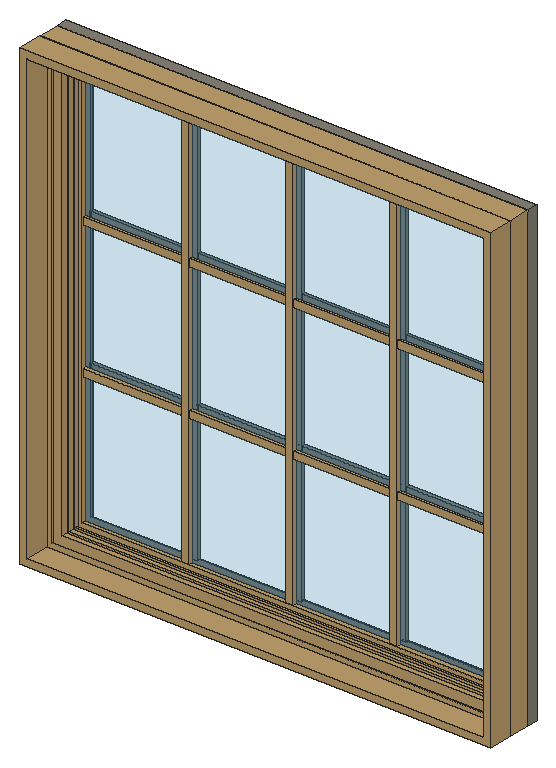
Revit family
Parameters (values of type "CCNTPRYCAP4848")
  Window Type = "Clad Contemporary Casement Picture Unit"
  URL = "www.marvin.com"
  Prairie Corner Width = 0' - 4"
  Prairie Corner Height = 0' - 4"
  Offset = if(Bottom Rail Standard, 0' 2 29/32", 0' 4 13/32")  # 0' - 2 29/32"
  Nominal Width = 4' - 0"
  Nominal Height = 4' - 0"
  Muntins Interior Material = Wood-Marvin-Pine
  Muntins Exterior Material = Aluminum-Marvin-Bronze
  Model = "CCNTPRYCAP4848"
  Manufacturer = "Marvin Windows and Doors"
  Lites Wide = 4
  Lites Wide Constraint = if(Nominal Width > 1' 4", Lites Wide, if(Lites Wide < 2, 1, 2))  # 4
  Lites High = 3
  Lites High Constraint = if(Nominal Height > 1' 4", Lites High, if(Lites High < 2, 1, 2))  # 3
  Lite Cut Prairie 9 = no
  Lite Cut Prairie 9 Constraint = if(and(Nominal Width > 1' 4", Nominal Height > 1' 4"), Lite Cut Prairie 9, 1 = 0)  # no
  Lite Cut HV Grid = not(Lite Cut Prairie 9 Constraint)  # yes
  Label Visibility = no
  Interior Material = Wood-Marvin-Pine
  Glazing Material = Glass-Marvin-IG Low E II with Argon
  Glass Type = "IG Low E II with Argon"
  Frame = "Aluminum Clad"
  Family created by = "www.rbuiltcomponents.com"
  Rough Width = Width + 0' 1"  # 4' - 1"
  Rough Height = Height + 0' 0 1/2"  # 3' - 11 5/8"
  Muntins Interior Visibility = yes
  Muntins Exterior Visibility = yes
  Jamb Extension Visibility = yes
  Inset to Installation Flange [instance] = 0' - 1 1/4"
  Height = Nominal Height - 0' 0 7/8"  # 3' - 11 1/8"
  Design Pressure = "DP50"
  Description = "4848 FIXED"
  Default Head Height = 8' - 0"
  Wall Closure = (empty or 0)
  Width = Nominal Width  # 4' - 0"
  Daylight Area = DLO Width * DLO Height  # 12.1033 SF
  DLO Width = Width - 0' 5 13/16"  # 3' - 6 3/16"
  DLO Height = if(Bottom Rail Standard, Height - 0' 5 13/16", Height - 0' 7 5/16")  # 3' - 5 5/16"
  Cladding Material = Aluminum-Marvin-Bronze
  Bottom Rail Tall = no
  Bottom Rail Standard = not(Bottom Rail Tall)  # yes
  Assembly Code = ""
  Note To User = "All Lite Constraints Apply To Nominal Widths Or Heights < 1 - 6"  # constant formula
Reference planes (in)
  plane 1 "Center (Front/Back)": y = 0
  plane 2: z = 0
  plane 3 "Center (Left/Right)": x = -3
  plane 4 "Left": x = -27
  plane 5 "Right": x = 21
  plane 6 "Sill": z = 48.875
  plane 7 "Top": z = 96
  plane 8 "Inset": y = 1.75
  plane 9 "Glazing": y = 2.40625
  plane 10 "Jamb Ext Face": y = -0.4375
  plane 11: z = 72.4375
  plane 12: y = -0.5
Forms (in)
  Extrusion 1, solid, material "Wood-Marvin-Pine" <- "Interior Material", visible <- "Jamb Extension Visibility", detail levels medium+fine
    sketch origin (0, -0.4375, 0) x (1, 0, 0) y (0, 0, 1)
      loop
        line (-27, 96) -> (-27, 48.875) -> (21, 48.875) -> (21, 96) -> (-27, 96)
      loop
        line (-26.3125, 49.5625) -> (20.3125, 49.5625) -> (20.3125, 95.3125) -> (-26.3125, 95.3125) -> (-26.3125, 49.5625)
    from 0.0625 to 2.5625
Lines and regions (in)
  Masking region 1
    outline origin (-3, 0, 0) x (0, 1, 0) y (0, 0, 1)
      loop
        line (2.8125, 96) -> (-0.4375, 96) -> (-0.4375, 48.875) -> (2.8125, 48.875) -> (2.8125, 96)
  Masking region 2, visible <- "Jamb Extension Visibility"
    outline origin (0, 0, 48.875) x (0, -1, 0) y (1, 0, 0)
      loop
        line (0.5, -27) -> (3, -27) -> (3, 21) -> (0.5, 21) -> (0.5, -27)
  Masking region 3, visible <- "Jamb Extension Visibility"
    outline origin (-3, 0, 0) x (0, 1, 0) y (0, 0, 1)
      loop
        line (-0.5, 96) -> (-3, 96) -> (-3, 48.875) -> (-0.5, 48.875) -> (-0.5, 96)
  Opening 1
    outline origin (-60, -3, 0) x (1, 0, 0) y (0, 0, 1)
      loop
        line (81, 96) -> (33, 96) -> (33, 48.875) -> (81, 48.875) -> (81, 96)
  symbolic lines, style "Jamb Extension", visible <- "Jamb Extension Visibility", detail levels fine
    curve 1: line (-27, -3, 48.875) -> (-26.3125, -3, 48.875)
    curve 2: line (-26.3125, -3, 48.875) -> (-26.3125, -0.5, 48.875)
    curve 3: line (21, -3, 48.875) -> (20.3125, -3, 48.875)
    curve 4: line (20.3125, -3, 48.875) -> (20.3125, -0.5, 48.875)
    curve 5: line (-3, -3, 95.3125) -> (-3, -0.5, 95.3125)
    curve 6: line (-3, -3, 49.5625) -> (-3, -0.5, 49.5625)
  symbolic lines, style "WindowsFrameMullionProjection", detail levels coarse+medium
    curve 7: line (-3, 2.8125, 96) -> (-3, 2.8125, 94.812)
    curve 8: line (-3, 2.8125, 94.812) -> (-3, -0.4375, 94.812)
    curve 9: line (-3, -0.4375, 94.812) -> (-3, -0.4375, 96)
    curve 10: line (-3, 2.78125, 94.812) -> (-3, 2.78125, 93.125)
    curve 11: line (-3, 2.78125, 93.125) -> (-3, 1.15625, 93.125)
    curve 12: line (-3, 1.15625, 50.063) -> (-3, 1.15625, 51.78125)
    curve 13: line (-3, 2.8125, 48.875) -> (-3, 2.8125, 50.063)
    curve 14: line (-3, 2.8125, 50.063) -> (-3, -0.4375, 50.063)
    curve 15: line (-3, -0.4375, 50.063) -> (-3, -0.4375, 48.875)
    curve 16: line (-3, 2.78125, 51.78125) -> (-3, 1.15625, 51.78125)
    curve 18: line (-3, 1.15625, 51.78125) -> (-3, 1.15625, 93.125)
    curve 19: line (-3, 2.78125, 51.78125) -> (-3, 2.78125, 50.063)
    curve 20: line (-3, 1.15625, 93.125) -> (-3, 1.15625, 94.812)
    curve 21: line (-3, 2.78125, 93.125) -> (-3, 2.78125, 51.78125)
  symbolic lines, style "WindowsGlassProjection", detail levels coarse+medium
    curve 17: line (-3, 1.97776, 93.125) -> (-3, 1.97776, 51.78125)
  symbolic lines, style "WindowsFrameMullionProjection"
    curve 22: line (-3, -0.4375, 50.063) -> (-3, -0.4375, 94.812)
  symbolic lines, style "WindowsFrameMullionProjection", visible <- "Jamb Extension Visibility", detail levels coarse+medium
    curve 23: line (-26.3125, -0.5, 48.875) -> (-26.3125, -3, 48.875)
    curve 24: line (-26.3125, -3, 48.875) -> (-27, -3, 48.875)
    curve 25: line (20.3125, -0.5, 48.875) -> (20.3125, -3, 48.875)
    curve 26: line (20.3125, -3, 48.875) -> (21, -3, 48.875)
    curve 29: line (-3, -0.5, 95.3125) -> (-3, -3, 95.3125)
    curve 30: line (-3, -3, 95.3125) -> (-3, -3, 96)
    curve 31: line (-3, -0.5, 49.5625) -> (-3, -3, 49.5625)
    curve 32: line (-3, -3, 49.5625) -> (-3, -3, 48.875)
  symbolic lines, style "Jamb Extension", visible <- "Jamb Extension Visibility"
    curve 27: line (-3, -3, 49.5625) -> (-3, -3, 48.875)
    curve 28: line (-3, -3, 95.3125) -> (-3, -3, 96)
Text (in)
  text "EXTERIOR" at (-58.6888, 50.90694, 0), in view "Ref. Level"
  text "INTERIOR" at (-58.6888, -37.76638, 0), in view "Ref. Level"
  text "Exterior" at (0, 43.65631, 123.19604), in view "Left"
  text "Exterior" at (0, 18.29385, 125.04747), in view "Right"
Dimensions and locks (in)
  equal spacing: plane 4 "Left", plane 3 "Center (Left/Right)", plane 5 "Right"
  "Width": plane 4 "Left" to plane 5 "Right"
  "Height": plane 6 "Sill" to plane 7 "Top"
  "Inset to Installation Flange": host wall to plane 8 "Inset"
  locked: plane 8 "Inset" to plane 9 "Glazing" at 0.65625
  locked: plane 10 "Jamb Ext Face" to plane 8 "Inset" at 2.1875
  equal spacing: plane 6 "Sill", plane 11, plane 7 "Top"
  "Default Head Height": plane 2 to plane 7 "Top"
  locked: nested 2 to host wall at 12.00106
  locked: plane 12 to plane 10 "Jamb Ext Face" at 0.0625
  locked: plane 6 "Sill" to Extrusion 1 sketch curve at 0.6875
  locked: plane 5 "Right" to Extrusion 1 sketch curve at 0.6875
  locked: plane 7 "Top" to Extrusion 1 sketch curve at 0.6875
  locked: plane 4 "Left" to Extrusion 1 sketch curve at 0.6875
  aligned and locked: nested 1 to plane 3 "Center (Left/Right)"
  aligned and locked: plane 8 "Inset" to nested 1
  aligned and locked: host wall to curve 1
  aligned and locked: curve 3 to host wall
  aligned and locked: plane 7 "Top" to Masking region 1 sketch curve
  aligned and locked: Masking region 1 sketch curve to plane 6 "Sill"
  aligned and locked: plane 3 "Center (Left/Right)" to nested 2
  aligned and locked: plane 4 "Left" to curve 24
  aligned and locked: curve 24 to host wall
  aligned and locked: plane 5 "Right" to curve 26
  aligned and locked: host wall to curve 26
  aligned and locked: curve 15 to plane 10 "Jamb Ext Face"
  aligned and locked: curve 14 to curve 22
  aligned and locked: plane 6 "Sill" to curve 27
  aligned and locked: curve 27 to host wall
  aligned and locked: plane 10 "Jamb Ext Face" to curve 9
  aligned and locked: plane 7 "Top" to curve 28
  aligned and locked: plane 7 "Top" to curve 30
  aligned and locked: host wall to curve 30
  aligned and locked: plane 6 "Sill" to curve 32
  aligned and locked: plane 12 to curve 2
  aligned and locked: plane 12 to curve 23
  aligned and locked: plane 12 to curve 4
  aligned and locked: plane 12 to curve 25
  aligned and locked: plane 12 to curve 5
  aligned and locked: plane 12 to curve 29
  aligned and locked: plane 12 to curve 6
  aligned and locked: plane 12 to curve 31
  aligned and locked: plane 12 to Masking region 2 sketch curve
  aligned and locked: Masking region 2 sketch curve to host wall
  aligned and locked: Masking region 2 sketch curve to plane 4 "Left"
  aligned and locked: plane 5 "Right" to Masking region 2 sketch curve
  aligned and locked: plane 12 to Masking region 3 sketch curve
  aligned and locked: Masking region 3 sketch curve to host wall
  aligned and locked: plane 7 "Top" to Masking region 3 sketch curve
  aligned and locked: Masking region 3 sketch curve to plane 6 "Sill"
  aligned and locked: Masking region 1 sketch curve to plane 10 "Jamb Ext Face"
  aligned and locked: plane 3 "Center (Left/Right)" to nested 3
  aligned and locked: plane 8 "Inset" to nested 3
  aligned: nested 3 to plane 7 "Top"
  aligned and locked: plane 7 "Top" to Opening 1 sketch curve
  aligned and locked: plane 5 "Right" to Opening 1 sketch curve
  aligned and locked: Opening 1 sketch curve to plane 6 "Sill"
  aligned and locked: Opening 1 sketch curve to plane 4 "Left"
  aligned and locked: Extrusion 1 sketch curve to plane 6 "Sill"
  aligned and locked: plane 7 "Top" to Extrusion 1 sketch curve
  aligned and locked: plane 5 "Right" to Extrusion 1 sketch curve
  aligned and locked: Extrusion 1 sketch curve to plane 4 "Left"
  aligned and locked: Extrusion 1 to plane 12
  aligned and locked: host wall to Extrusion 1
  aligned and locked: nested 4 to plane 8 "Inset"
  aligned: plane 7 "Top" to nested 4
  aligned: nested 4 to plane 10 "Jamb Ext Face"
  aligned: plane 10 "Jamb Ext Face" to nested 4
  aligned: nested 4 to nested 4  (x4)
  aligned and locked: nested 3 to plane 7 "Top"
  aligned and locked: plane 7 "Top" to nested 4
  aligned and locked: curve 7 to nested 4
  aligned and locked: curve 10 to nested 4
  aligned and locked: curve 20 to nested 4
  aligned and locked: curve 8 to nested 4
  aligned and locked: curve 11 to nested 4
  aligned and locked: nested 4 to plane 10 "Jamb Ext Face"
  aligned and locked: curve 13 to nested 4
  aligned and locked: curve 19 to nested 4
  aligned and locked: nested 4 to curve 12
  aligned and locked: curve 14 to nested 4
  aligned and locked: curve 16 to nested 4
  aligned and locked: Masking region 1 sketch curve to nested 4
Automatic sketch dimensions
  curve 1 to plane 4 "Left" = 0' - 0"
  curve 3 to plane 5 "Right" = 0' - 0"
  curve 2 to plane 4 "Left" = 0' - 0 11/16"
  plane 5 "Right" to curve 4 = 0' - 0 11/16"
  plane 7 "Top" to curve 7 = 0' - 0"
  plane 6 "Sill" to curve 13 = 0' - 0"
  plane 6 "Sill" to curve 15 = 0' - 0"
  plane 7 "Top" to curve 9 = 0' - 0"
  curve 17 to plane 8 "Inset" = 0' - 0.22776"
  curve 6 to curve 15 = 0' - 0.5005"
  plane 7 "Top" to curve 5 = 0' - 0 11/16"
Nested families (in)
  nested 1: "Plan_Detail" at (-3, 1.75, 48.875) x (-1, 0, 0) z (0, 0, -1), type "Plan_Detail"
  nested 2: "Label Annotation 1-16 w" at (-3, 15.00106, 0), visible <- "Label Visibility", type "Label Annotation 1-16 w"
  nested 3: "Casement–Marvin-Picture_Unit-Clad_Contemporary" at (-3, 1.75, 0), type "CCNTPRYCAP"
  nested 4: "Section_Detail" at (-3, 1.75, 48.875) x (0, -1, 0) z (1, 0, 0), type "Section_Detail", detail levels fine
    with Offset 0' - 2 29/32"
Definition of nested family "Casement–Marvin-Picture_Unit-Clad_Contemporary"
  Parameters (values of type "CCNTPRYCAP")
    Width = 0' - 0"
    Unit Width = 4' - 0"
    Prairie Corner Width = 0' - 4"
    Prairie Corner Height = 0' - 4"
    Offset = if(Bottom Rail Standard, 0' 1", 0' 0 27/32")  # 0' - 1"
    Muntins Interior Material = Wood-Marvin-Pine
    Muntins Interior = yes
    Muntins Exterior Material = Aluminum-Marvin-Bronze
    Muntins Exterior = yes
    Lites Wide = 4
    Lites High = 3
    Lite Cut Prairie 9 = no
    Lite Cut HV Grid = yes
    Interior Material = Wood-Marvin-Pine
    Height = 3' - 11 1/8"
    Glazing Material = Glass-Marvin-IG Low E II with Argon
    G Thickness2 = -0' - 0 1/8"  # constant formula
    G Thickness = 0' - 0 1/8"  # constant formula
    DLO Width = 3' - 6 3/16"
    DLO Height = 3' - 5 5/16"
    Cladding Material = Aluminum-Marvin-Bronze
    Bottom Rail Standard = yes
    Bottom Rail Tall = no
    Bottom Rail = if(Bottom Rail Standard, 0' 2 29/32", 0' 4 13/32")  # 0' - 2 29/32"
    Assembly Code = ""
  Reference planes (in)
    plane 1 "Center (Front/Back)": y = 0
    plane 2: z = 0
    plane 3 "Center (Left/Right)": x = 0
    plane 4: x = 24
    plane 5: x = -24
    plane 6 "Glazing": y = 0.65625
    plane 7: y = -2.1875
    plane 8: z = 96
    plane 9 "Sill": z = 48.875
    plane 10: z = 72.4375
    plane 11: x = 21.09375
    plane 12: x = -21.09375
    plane 13: z = 93.09375
    plane 14: z = 51.78125
    plane 15 "Glazing2": y = -0.125
  Forms (in)
    Sweep 1, solid, material "Aluminum-Marvin-Bronze" <- "Cladding Material"
      path origin (0, 0, 0) x (1, 0, 0) y (0, 0, 1)
        loop
          line (-24, 48.875) -> (24, 48.875) -> (24, 96) -> (-24, 96) -> (-24, 48.875)
      profile "Profile_Ext_Clad_Frame : Profile_Ext_Clad_Frame" origin (0, 0, 48.875) x (0, 0, 1) y (0, -1, 0)
        loop
          line (0, -1.0625) -> (0.625, -1.0625) -> (0.625, 0) -> (0, 0) -> (0, -1.0625)
    Sweep 2, solid, material "Wood-Marvin-Pine" <- "Interior Material"
      path origin (0, 0, 0) x (1, 0, 0) y (0, 0, 1)
        loop
          line (24, 48.875) -> (24, 96) -> (-24, 96) -> (-24, 48.875) -> (24, 48.875)
      profile "Profile_Int_Frame : Profile_Int_Frame" origin (0, 0, 48.875) x (0, 0, -1) y (0, -1, 0)
        loop
          line (0, 2.1875) -> (-1.188, 2.1875) -> (-1.188, 2.09375) -> (-2.1255, 2.09375) -> (-2.1255, 1.43702) -> (-2.313, 1.43702) -> (-2.313, 0.96849) -> (-2.5, 0.96849) -> (-2.5, 0.59375) -> (-0.625, 0.59375) -> (-0.625, 0) -> (0, 0) -> (0, 2.1875)
    Extrusion 3, solid, material "Glass-Marvin-IG Low E II with Argon" <- "Glazing Material"
      sketch origin (0, 0.65625, 0) x (1, 0, 0) y (0, 0, 1)
        loop
          line (21.75, 93.75) -> (-21.75, 93.75) -> (-21.75, 51.125) -> (21.75, 51.125) -> (21.75, 93.75)
      from 0 to 0.125 <- "G Thickness"
    Sweep 4, solid, material "Aluminum-Marvin-Bronze" <- "Cladding Material"
      path origin (0, 0.65625, 0) x (1, 0, 0) y (0, 0, 1)
        loop
          line (21.09375, 51.78125) -> (21.09375, 93.09375) -> (-21.09375, 93.09375) -> (-21.09375, 51.78125) -> (21.09375, 51.78125)
      profile "Profile_Ext_Clad_Sash : Profile_Ext_Clad_Sash" origin (0, 0.65625, 51.78125) x (0, 0, -1) y (0, -1, 0)
        loop
          line (2.0625, -0.375) -> (2.0625, 0) -> (0, 0) -> (0, -0.07739) -> (0.15625, -0.23364) -> (0.15625, -0.375) -> (2.0625, -0.375)
    Sweep 5, solid, material "Wood-Marvin-Pine" <- "Interior Material"
      path origin (0, 0.65625, 0) x (1, 0, 0) y (0, 0, 1)
        loop
          line (21.09375, 51.78125) -> (21.09375, 93.09375) -> (-21.09375, 93.09375) -> (-21.09375, 51.78125) -> (21.09375, 51.78125)
      profile "Profile_Int_Sash : Profile_Int_Sash" origin (0, 0.65625, 51.78125) x (0, 0, -1) y (0, -1, 0)
        loop
          line (1.78125, 0) -> (1.78125, 1.25) -> (0, 1.25) -> (0, 0.78125) -> (0.65625, 0.78125) -> (0.65625, 0) -> (1.78125, 0)
    Extrusion 6, solid, material "Glass-Marvin-IG Low E II with Argon" <- "Glazing Material"
      sketch origin (0, -0.125, 0) x (1, 0, 0) y (0, 0, 1)
        loop
          line (21.75, 93.75) -> (-21.75, 93.75) -> (-21.75, 51.125) -> (21.75, 51.125) -> (21.75, 93.75)
      from -0.125 <- "G Thickness2" to 0
    Sweep 7, solid, material "Aluminum-Marvin-Bronze" <- "Cladding Material"
      path in 3D
        loop
          line (23.15625, 1.03125, 49.71875) -> (-23.15625, 1.03125, 49.71875)
      profile origin (0, 1.03125, 49.71875) x (0, 1, 0) y (0, 0, -1)
        loop
          line (0, 0) -> (-0.375, 0) -> (-0.375, -0.15625) -> (0, -0.15625) -> (0, 0)
    Sweep 8, solid, material "Wood-Marvin-Pine" <- "Interior Material"
      path in 3D
        loop
          line (22.875, -0.59375, 50) -> (-22.875, -0.59375, 50)
      profile origin (0, -0.59375, 50) x (0, 1, 0) y (0, 0, -1)
        loop
          line (0, 0) -> (1.25, 0) -> (1.25, 0.125) -> (0, 0.125) -> (0, 0)
  Cuts and joins
    joined: Sweep 4, Sweep 7
    joined: Sweep 5, Sweep 8
  Lines and regions (in)
    Masking region 1
      outline origin (0, 0, 48.875) x (1, 0, 0) y (0, 1, 0)
        loop
          line (-24, 1.0625) -> (-24, -2.1875) -> (24, -2.1875) -> (24, 1.0625) -> (-24, 1.0625)
    symbolic lines, style "WindowsFrameMullionProjection", detail levels coarse+medium
      curve 1: line (-22.875, -2.18699, 48.875) -> (-24, -2.18699, 48.875)
      curve 2: line (-22.875, 1.0625, 48.875) -> (-22.875, -2.18699, 48.875)
      curve 3: line (-24, 1.0625, 48.875) -> (-22.875, 1.0625, 48.875)
      curve 4: line (-24, -2.18699, 48.875) -> (-24, 1.0625, 48.875)
      curve 5: line (22.875, -2.18699, 48.875) -> (24, -2.18699, 48.875)
      curve 6: line (22.875, 1.0625, 48.875) -> (22.875, -2.18699, 48.875)
      curve 7: line (24, 1.0625, 48.875) -> (22.875, 1.0625, 48.875)
      curve 8: line (24, -2.18699, 48.875) -> (24, 1.0625, 48.875)
      curve 9: line (-22.875, 1.03125, 48.875) -> (-21.09375, 1.03125, 48.875)
      curve 10: line (-21.09375, -0.59375, 48.875) -> (-22.875, -0.59375, 48.875)
      curve 11: line (-21.09375, 1.03125, 48.875) -> (-21.09375, -0.59375, 48.875)
      curve 12: line (22.875, 1.03125, 48.875) -> (21.09375, 1.03125, 48.875)
      curve 13: line (21.09375, -0.59375, 48.875) -> (22.875, -0.59375, 48.875)
      curve 14: line (21.09375, 1.03125, 48.875) -> (21.09375, -0.59375, 48.875)
      curve 16: line (-21.09375, 1.03125, 48.875) -> (21.09375, 1.03125, 48.875)
      curve 17: line (-21.09375, -0.59375, 48.875) -> (21.09375, -0.59375, 48.875)
    symbolic lines, style "WindowsGlassProjection", detail levels coarse+medium
      curve 15: line (-21.09375, 0.22976, 48.875) -> (21.09375, 0.22976, 48.875)
    sketch lines
      curve 18: line (23.15625, 1.03125, 49.71875) -> (-23.15625, 1.03125, 49.71875)
      curve 19: line (22.875, -0.59375, 50) -> (-22.875, -0.59375, 50)
  Dimensions and locks (in)
    equal spacing: plane 5, plane 3 "Center (Left/Right)", plane 4
    "Unit Width": plane 5 to plane 4
    locked: plane 1 "Center (Front/Back)" to plane 6 "Glazing" at 0.65625
    locked: plane 7 to plane 1 "Center (Front/Back)" at 2.1875
    plane 2 to plane 8 = 8' - 0"
    "Height": plane 9 "Sill" to plane 8
    equal spacing: plane 9 "Sill", plane 10, plane 8
    locked: plane 13 to Extrusion 3 sketch curve at 0.65625
    locked: Extrusion 3 sketch curve to plane 14 at 0.65625
    locked: plane 12 to Extrusion 3 sketch curve at 0.65625
    locked: Extrusion 3 sketch curve to plane 11 at 0.65625
    locked: plane 13 to plane 8 at 2.90625
    "Bottom Rail": plane 9 "Sill" to plane 14
    locked: plane 5 to plane 12 at 2.90625
    locked: plane 11 to plane 4 at 2.90625
    locked: plane 15 "Glazing2" to plane 6 "Glazing" at 0.78125
    locked: Extrusion 6 sketch curve to plane 11 at 0.65625
    locked: plane 12 to Extrusion 6 sketch curve at 0.65625
    locked: plane 13 to Extrusion 6 sketch curve at 0.65625
    locked: Extrusion 6 sketch curve to plane 14 at 0.65625
    "Offset": Sweep 7 sketch curve to plane 9 "Sill"
    "Offset": plane 9 "Sill" to Sweep 8 sketch curve
    aligned and locked: Sweep 1 sketch curve to plane 4
    aligned and locked: plane 9 "Sill" to Sweep 1 sketch curve
    aligned and locked: plane 5 to Sweep 1 sketch curve
    aligned and locked: Sweep 1 sketch curve to plane 8
    aligned and locked: plane 9 "Sill" to Sweep 2 sketch curve
    aligned and locked: Sweep 2 sketch curve to plane 8
    aligned and locked: Sweep 2 sketch curve to plane 4
    aligned and locked: plane 5 to Sweep 2 sketch curve
    aligned and locked: Extrusion 3 to plane 6 "Glazing"
    aligned: Extrusion 3 to Sweep 2
    aligned and locked: plane 5 to Masking region 1 sketch curve
    aligned and locked: Masking region 1 sketch curve to plane 4
    aligned and locked: Masking region 1 sketch curve to plane 7
    aligned and locked: plane 6 "Glazing" to nested 2
    aligned: nested 1 to Sweep 2
    aligned and locked: nested 2 to plane 3 "Center (Left/Right)"
    aligned and locked: plane 3 "Center (Left/Right)" to nested 1
    aligned and locked: plane 11 to Sweep 4 sketch curve
    aligned and locked: Sweep 4 sketch curve to plane 12
    aligned and locked: Sweep 4 sketch curve to plane 14
    aligned and locked: plane 13 to Sweep 4 sketch curve
    aligned and locked: Sweep 5 sketch curve to plane 14
    aligned and locked: Sweep 5 sketch curve to plane 12
    aligned and locked: plane 13 to Sweep 5 sketch curve
    aligned and locked: plane 11 to Sweep 5 sketch curve
    aligned and locked: plane 15 "Glazing2" to nested 1
    aligned and locked: Masking region 1 sketch curve to Sweep 1
    aligned and locked: curve 3 to Sweep 1
    aligned and locked: curve 7 to Sweep 1
    aligned and locked: Sweep 4 to curve 12
    aligned and locked: curve 9 to Sweep 4
    aligned and locked: curve 11 to plane 12
    aligned and locked: curve 14 to plane 11
    aligned and locked: Sweep 5 to curve 13
    aligned and locked: curve 10 to Sweep 5
    aligned and locked: curve 2 to Sweep 5
    aligned and locked: curve 6 to Sweep 5
    aligned and locked: Sweep 7 sketch curve to Sweep 4  (x2)
    aligned and locked: Sweep 7 sketch curve to plane 6 "Glazing"
    aligned and locked: Sweep 8 sketch curve to Sweep 5  (x2)
    aligned and locked: Sweep 8 sketch curve to cut or joined group of Sweep 4, Sweep 7
    aligned and locked: nested 2 to plane 13
    aligned and locked: plane 13 to nested 1
  Automatic sketch dimensions
    curve 1 to plane 5 = 0' - 0"
    curve 7 to plane 4 = 0' - 0"
    curve 8 to plane 7 = 0' - 0.00051"
    curve 4 to plane 7 = 0' - 0.00051"
    curve 15 to plane 1 "Center (Front/Back)" = 0' - 0.22976"
  Nested families (in)
    nested 1: "Muntins" at (0, -0.125, 15.84375), Muntin Material <- "Muntins Interior Material", visible <- "Muntins Interior", type "Muntins"
      with MuntinDepth 0' - 0 5/16", Muntin Material Wood-Marvin-Pine, Muntin Extension 0' - 0 5/16", GlazingWidth 3' - 6 3/16", GlazingHeight 3' - 5 5/16", Width 3' - 6 1/2", VerticalMuntins 3, LitesHorizontal 4, Height 3' - 5 5/8", Inset Vert 0' - 10 1/4", Inset Horiz 1' - 1 1/2"
    nested 2: "Muntins" at (0, 0.65625, 15.84375), Muntin Material <- "Muntins Exterior Material", visible <- "Muntins Exterior", type "Muntins"
      with MuntinDepth 0' - 0 5/16", Muntin Material Aluminum-Marvin-Bronze, Muntin Extension 0' - 0 5/16", GlazingWidth 3' - 6 3/16", GlazingHeight 3' - 5 5/16", Width 3' - 6 1/2", VerticalMuntins 3, LitesHorizontal 4, Height 3' - 5 5/8", Inset Vert 0' - 10 1/4", Inset Horiz 1' - 1 1/2"
  Definition of nested family "Muntins"
    Parameters (values of type "Muntins")
      PrairieMuntVisible = no
      Prairie Corner Width = 0' - 4"
      Prairie Corner Height = 0' - 4"
      Muntin Extension = 0' - 0 7/16"
      GridMuntVisible = yes
      GlazingWidth = 2' - 0"
      GlazingHeight = 2' - 11 1/8"
      Width = GlazingWidth + Muntin Extension  # 2' - 0 7/16"
      VerticalMuntins = if(LitesHorizontal < 3, 2, LitesHorizontal - 1)  # 2
      VertMuntVisible = and(GridMuntVisible, LitesHorizontal > 2)  # yes
      MuntinWidth = 0' - 0 3/4"
      MuntinDepth [instance] = 0' - 0 3/8"
      Muntin Material [instance] = none
      LitesVertical = 3
      LitesHorizontal = 3
      HorizontalMuntins = if(LitesVertical < 3, 2, LitesVertical - 1)  # 2
      HorizMuntVisible = and(GridMuntVisible, LitesVertical > 2)  # yes
      Height = GlazingHeight + Muntin Extension  # 2' - 11 9/16"
      Inset Vert = if(LitesHorizontal < 3, (Width / 3) - (MuntinWidth / 2), (Width / LitesHorizontal) - (MuntinWidth / 2))  # 0' - 7.77083"
      Inset Horiz = if(LitesVertical < 3, (Height / 3) - (MuntinWidth / 2), (Height / LitesVertical) - (MuntinWidth / 2))  # 0' - 11.47917"
      CenterMuntinVertical = and(GridMuntVisible, LitesHorizontal = 2)  # no
      CenterMuntinHorizontal = and(GridMuntVisible, LitesVertical = 2)  # no
      Assembly Code = ""
    Reference planes (in)
      plane 1 "Center (Front/Back)": y = 0
      plane 2: z = 0
      plane 3 "Center (Left/Right)": x = 0
      plane 4: z = 35.78125
      plane 5: z = 53.5625
      plane 6: z = 71.34375
      plane 7: z = 59.86458
      plane 8: z = 47.26042
      plane 9: z = 71.125
      plane 10: z = 36
      plane 11: x = -12
      plane 12: x = 12
      plane 13: x = -4.44792
      plane 14: x = -12.21875
      plane 15: x = 12.21875
      plane 16: x = 4.44792
      plane 17: z = 67.125
      plane 18: z = 40
      plane 19: x = -8
      plane 20: x = 8
    Forms (in)
      Extrusion 1, solid, material <- "Muntin Material", visible <- "CenterMuntinVertical", detail levels medium+fine
        sketch origin (9, 0, 0) x (1, 0, 0) y (0, 0, 1)
          loop
            line (-9.375, 71.34375) -> (-9.375, 35.78125) -> (-8.625, 35.78125) -> (-8.625, 71.34375) -> (-9.375, 71.34375)
        from 0 to 0.375 <- "MuntinDepth"
      Extrusion 2, solid, material <- "Muntin Material", visible <- "CenterMuntinHorizontal", detail levels medium+fine
        sketch origin (-0.0013, 0, 14.6875) x (1, 0, 0) y (0, 0, 1)
          loop
            line (-12.21745, 39.25) -> (-12.21745, 38.5) -> (12.22005, 38.5) -> (12.22005, 39.25) -> (-12.21745, 39.25)
        from 0 to 0.375 <- "MuntinDepth"
      Extrusion 3, solid, material <- "Muntin Material", visible <- "VertMuntVisible", detail levels medium+fine
        sketch origin (4.92708, 0, -2.90625) x (1, 0, 0) y (0, 0, 1)
          loop
            line (-9.375, 74.25) -> (-9.375, 38.6875) -> (-8.625, 38.6875) -> (-8.625, 74.25) -> (-9.375, 74.25)
        from 0 to 0.375 <- "MuntinDepth"
      Extrusion 4, solid, material <- "Muntin Material", visible <- "HorizMuntVisible", detail levels medium+fine
        sketch origin (-3.09635, 0, 14.17708) x (1, 0, 0) y (0, 0, 1)
          loop
            line (-9.1224, 45.6875) -> (-9.1224, 44.9375) -> (15.3151, 44.9375) -> (15.3151, 45.6875) -> (-9.1224, 45.6875)
        from 0 to 0.375 <- "MuntinDepth"
      Extrusion 5, solid, material <- "Muntin Material", visible <- "HorizMuntVisible", detail levels medium+fine
        sketch origin (-3.09635, 0, 2.32292) x (1, 0, 0) y (0, 0, 1)
          loop
            line (-9.1224, 45.6875) -> (-9.1224, 44.9375) -> (15.3151, 44.9375) -> (15.3151, 45.6875) -> (-9.1224, 45.6875)
        from 0 to 0.375 <- "MuntinDepth"
      Extrusion 6, solid, material <- "Muntin Material", visible <- "VertMuntVisible", detail levels medium+fine
        sketch origin (13.07292, 0, -2.90625) x (1, 0, 0) y (0, 0, 1)
          loop
            line (-9.375, 74.25) -> (-9.375, 38.6875) -> (-8.625, 38.6875) -> (-8.625, 74.25) -> (-9.375, 74.25)
        from 0 to 0.375 <- "MuntinDepth"
      Extrusion 7, solid, material <- "Muntin Material", visible <- "PrairieMuntVisible", detail levels medium+fine
        sketch origin (1, 0, 0) x (1, 0, 0) y (0, 0, 1)
          loop
            line (-9, 71.34375) -> (-9, 35.78125) -> (-8.25, 35.78125) -> (-8.25, 71.34375) -> (-9, 71.34375)
        from 0 to 0.375 <- "MuntinDepth"
      Extrusion 8, solid, material <- "Muntin Material", visible <- "PrairieMuntVisible", detail levels medium+fine
        sketch origin (17, 0, 0) x (1, 0, 0) y (0, 0, 1)
          loop
            line (-9.75, 71.34375) -> (-9.75, 35.78125) -> (-9, 35.78125) -> (-9, 71.34375) -> (-9.75, 71.34375)
        from 0 to 0.375 <- "MuntinDepth"
      Extrusion 9, solid, material <- "Muntin Material", visible <- "PrairieMuntVisible", detail levels medium+fine
        sketch origin (-0.0013, 0, 28.25) x (1, 0, 0) y (0, 0, 1)
          loop
            line (-12.21745, 38.875) -> (-12.21745, 38.125) -> (12.22005, 38.125) -> (12.22005, 38.875) -> (-12.21745, 38.875)
        from 0 to 0.375 <- "MuntinDepth"
      Extrusion 10, solid, material <- "Muntin Material", visible <- "PrairieMuntVisible", detail levels medium+fine
        sketch origin (-0.0013, 0, 1.125) x (1, 0, 0) y (0, 0, 1)
          loop
            line (-12.21745, 39.625) -> (-12.21745, 38.875) -> (12.22005, 38.875) -> (12.22005, 39.625) -> (-12.21745, 39.625)
        from 0 to 0.375 <- "MuntinDepth"
    Cuts and joins
      joined: Extrusion 7, Extrusion 8, Extrusion 9, Extrusion 10
    Lines and regions (in)
      model lines, style "Muntins", visible <- "CenterMuntinHorizontal", detail levels coarse
        curve 1: line (-12.21875, 0, 53.5625) -> (12.21875, 0, 53.5625)
      model lines, style "Muntins", visible <- "HorizMuntVisible", detail levels coarse
        curve 2: line (-12.21875, 0, 59.48958) -> (12.21875, 0, 59.48958)
        curve 3: line (-12.21875, 0, 47.63542) -> (12.21875, 0, 47.63542)
      model lines, style "Muntins", visible <- "CenterMuntinVertical", detail levels coarse
        curve 4: line (0, 0, 71.34375) -> (0, 0, 35.78125)
      model lines, style "Muntins", visible <- "VertMuntVisible", detail levels coarse
        curve 5: line (-4.07292, 0, 71.34375) -> (-4.07292, 0, 35.78125)
        curve 6: line (4.07292, 0, 71.34375) -> (4.07292, 0, 35.78125)
      model lines, style "Muntins", visible <- "PrairieMuntVisible", detail levels coarse
        curve 7: line (-12.21875, 0, 66.75) -> (12.21875, 0, 66.75)
        curve 8: line (-12.21875, 0, 40.375) -> (12.21875, 0, 40.375)
        curve 9: line (-7.625, 0, 35.78125) -> (-7.625, 0, 71.34375)
        curve 10: line (7.625, 0, 35.78125) -> (7.625, 0, 71.34375)
    Dimensions and locks (in)
      "Inset Horiz": plane 6 to plane 7
      "Inset Horiz": plane 8 to plane 4
      equal spacing: plane 6, plane 5, plane 4
      "Height": plane 6 to plane 4
      "GlazingHeight": plane 9 to plane 10
      equal spacing: plane 9, plane 5, plane 10
      "GlazingWidth": plane 12 to plane 11
      equal spacing: plane 12, plane 3 "Center (Left/Right)", plane 11
      "MuntinWidth": Extrusion 1 sketch curve to Extrusion 1 sketch curve
      "Height": Extrusion 1 sketch curve to Extrusion 1 sketch curve
      "MuntinWidth": Extrusion 2 sketch curve to Extrusion 2 sketch curve
      "Width": Extrusion 2 sketch curve to Extrusion 2 sketch curve
      "MuntinWidth": Extrusion 3 sketch curve to Extrusion 3 sketch curve
      "Height": Extrusion 3 sketch curve to Extrusion 3 sketch curve
      "Width": plane 15 to plane 14
      equal spacing: plane 15, plane 3 "Center (Left/Right)", plane 14
      "Inset Vert": plane 13 to plane 14
      "Inset Vert": plane 15 to plane 16
      "MuntinWidth": Extrusion 4 sketch curve to Extrusion 4 sketch curve
      "Width": Extrusion 4 sketch curve to Extrusion 4 sketch curve
      "MuntinWidth": Extrusion 5 sketch curve to Extrusion 5 sketch curve
      "Width": Extrusion 5 sketch curve to Extrusion 5 sketch curve
      group 2 to group 3 = 0' - 0"  (x2)
      group 3 to group 2 = 0' - 11.85417"
      "MuntinWidth": Extrusion 6 sketch curve to Extrusion 6 sketch curve
      "Height": Extrusion 6 sketch curve to Extrusion 6 sketch curve
      group 4 to group 5 = 0' - 8.14583"
      group 4 to group 5 = 0' - 0"  (x2)
      "Prairie Corner Width": plane 19 to plane 11
      "Prairie Corner Width": plane 20 to plane 12
      "Prairie Corner Height": plane 9 to plane 17
      "Prairie Corner Height": plane 18 to plane 10
      "MuntinWidth": Extrusion 7 sketch curve to Extrusion 7 sketch curve
      "Height": Extrusion 7 sketch curve to Extrusion 7 sketch curve
      "MuntinWidth": Extrusion 8 sketch curve to Extrusion 8 sketch curve
      "Height": Extrusion 8 sketch curve to Extrusion 8 sketch curve
      "MuntinWidth": Extrusion 9 sketch curve to Extrusion 9 sketch curve
      "Width": Extrusion 9 sketch curve to Extrusion 9 sketch curve
      "MuntinWidth": Extrusion 10 sketch curve to Extrusion 10 sketch curve
      "Width": Extrusion 10 sketch curve to Extrusion 10 sketch curve
      aligned and locked: plane 6 to Extrusion 1  (x2)
      aligned and locked: Extrusion 1 to plane 4  (x3)
      aligned and locked: Extrusion 3 to plane 13  (x5)
      aligned and locked: Extrusion 3 to plane 4  (x3)
      aligned and locked: Extrusion 2 to plane 14
      aligned and locked: plane 15 to Extrusion 2
      aligned and locked: plane 6 to Extrusion 3
      aligned and locked: plane 7 to Extrusion 4
      aligned and locked: Extrusion 4 to plane 14
      aligned and locked: plane 15 to Extrusion 4
      aligned and locked: curve 1 to plane 5
      aligned and locked: plane 14 to curve 1
      aligned and locked: plane 15 to curve 1
      aligned and locked: Extrusion 5 to plane 14
      aligned and locked: Extrusion 5 to plane 8
      aligned and locked: plane 15 to Extrusion 5
      aligned and locked: Extrusion 5 to curve 3  (x2)
      aligned and locked: Extrusion 4 to curve 2  (x2)
      aligned and locked: curve 4 to plane 3 "Center (Left/Right)"
      aligned and locked: Extrusion 1 to curve 4  (x2)
      aligned and locked: Extrusion 3 to curve 5  (x2)
      aligned and locked: Extrusion 6 to curve 6  (x2)
      aligned and locked: Extrusion 6 to plane 16
      aligned and locked: plane 6 to Extrusion 6
      aligned and locked: plane 6 to curve 6
      aligned and locked: Extrusion 6 to plane 4
      aligned and locked: plane 4 to curve 6
      aligned and locked: cut or joined group of Extrusion 7, Extrusion 8, Extrusion 9, Extrusion 10 to plane 19
      aligned and locked: plane 20 to cut or joined group of Extrusion 7, Extrusion 8, Extrusion 9, Extrusion 10
      aligned and locked: plane 17 to cut or joined group of Extrusion 7, Extrusion 8, Extrusion 9, Extrusion 10
      aligned and locked: cut or joined group of Extrusion 7, Extrusion 8, Extrusion 9, Extrusion 10 to plane 18
      aligned and locked: cut or joined group of Extrusion 7, Extrusion 8, Extrusion 9, Extrusion 10 to curve 7  (x2)
      aligned and locked: cut or joined group of Extrusion 7, Extrusion 8, Extrusion 9, Extrusion 10 to curve 8  (x2)
      aligned and locked: cut or joined group of Extrusion 7, Extrusion 8, Extrusion 9, Extrusion 10 to curve 9  (x2)
      aligned and locked: cut or joined group of Extrusion 7, Extrusion 8, Extrusion 9, Extrusion 10 to curve 10  (x2)
    Automatic sketch dimensions
      Extrusion 1 sketch curve to plane 4 = 0' - 0"
      Extrusion 1 sketch curve to plane 3 "Center (Left/Right)" = 0' - 0 3/8"
      Extrusion 2 sketch curve to plane 14 = 0' - 0"
      Extrusion 2 sketch curve to plane 5 = 0' - 0 3/8"
      Extrusion 7 sketch curve to plane 4 = 0' - 0"
      Extrusion 7 sketch curve to plane 19 = 0' - 0"
      Extrusion 8 sketch curve to plane 4 = 0' - 0"
      Extrusion 8 sketch curve to plane 20 = 0' - 0 3/4"
      Extrusion 9 sketch curve to plane 14 = 0' - 0"
      Extrusion 9 sketch curve to plane 17 = 0' - 0 3/4"
      Extrusion 10 sketch curve to plane 14 = 0' - 0"
      Extrusion 10 sketch curve to plane 18 = 0' - 0"
      plane 19 to curve 9 = 0' - 0 3/8"
      curve 10 to plane 20 = 0' - 0 3/8"
      plane 18 to curve 8 = 0' - 0 3/8"
      curve 7 to plane 17 = 0' - 0 3/8"
Definition of nested family "Plan_Detail"
  Parameters (values of type "Plan_Detail")
    Width = 4' - 0"
    Casing = no
    Assembly Code = ""
  Reference planes (in)
    plane 1 "Center (Front/Back)": y = 0
    plane 2: z = 0
    plane 3 "Center (Left/Right)": x = 0
    plane 4: x = -24
    plane 5: x = 24
    plane 6: x = -22.8125
    plane 7: x = 22.8125
    plane 8: y = 1.03125
  Lines and regions (in)
    detail lines, style "Cut Lines", in view "Ref. Level", detail levels fine
      curve 1: line (-21.647, 0.64499, 0) -> (21.647, 0.64499, 0)
      curve 2: line (-21.647, 0.51999, 0) -> (21.647, 0.51999, 0)
      curve 3: line (-21.647, 0.01999, 0) -> (21.647, 0.01999, 0)
      curve 4: line (-21.647, -0.10501, 0) -> (21.647, -0.10501, 0)
  Dimensions and locks (in)
    equal spacing: plane 4, plane 3 "Center (Left/Right)", plane 5
    "Width": plane 4 to plane 5
    locked: plane 4 to plane 6 at 1.1875
    locked: plane 7 to plane 5 at 1.1875
    locked: plane 1 "Center (Front/Back)" to plane 8 at 1.03125
    aligned and locked: nested 1 to plane 1 "Center (Front/Back)"
    aligned and locked: nested 1 to plane 4
    aligned and locked: plane 5 to nested 2
    aligned and locked: nested 2 to plane 1 "Center (Front/Back)"
    aligned and locked: curve 1 to nested 1  (x2)
    aligned and locked: nested 1 to curve 2
    aligned and locked: curve 2 to nested 1
    aligned and locked: curve 3 to nested 1  (x2)
    aligned and locked: nested 1 to curve 4
    aligned and locked: curve 4 to nested 1
  Automatic sketch dimensions
    curve 3 to plane 7 = 0' - 1.1655"
    curve 1 to curve 3 = 0' - 0"
    curve 4 to curve 3 = 0' - 0"
    curve 2 to curve 1 = 0' - 0"
  Nested families (in)
    nested 1: "Jamb_Detail" at (-24, 0, 0), type "Jamb_Detail", in view "Ref. Level", detail levels fine
    nested 2: "Jamb_Detail" at (24, 0, 0) x (-1, 0, 0) z (0, 0, 1), type "Jamb_Detail", in view "Ref. Level", detail levels fine
  Definition of nested family "Jamb_Detail"
    Parameters (values of type "Jamb_Detail")
      No Casing = not(Casing)  # yes
      Casing = no
      Assembly Code = ""
    Reference planes (in)
      plane 1 "Center (Front/Back)": y = 0
      plane 2: z = 0
      plane 3 "Center (Left/Right)": x = 0
    Lines and regions (in)
      detail lines, style "Cut Lines", in view "Ref. Level"
        curve 1: line (0, 2.1875, 0) -> (1.188, 2.1875, 0)
        curve 2: line (0, -1.0625, 0) -> (0, 2.1875, 0)
        curve 3: line (1.188, 2.1875, 0) -> (1.188, 0.59375, 0)
        curve 4: line (0.625, -1.0625, 0) -> (0, -1.0625, 0)
        curve 5: line (0.625, -1.0625, 0) -> (0.625, 0.59375, 0)
        curve 6: line (1.188, 2.09375, 0) -> (2.1255, 2.09375, 0)
        curve 7: line (2.1255, 2.09375, 0) -> (2.1255, 1.46852, 0)
        curve 8: line (2.313, 1.46852, 0) -> (2.313, 1, 0)
        curve 9: line (2.5005, 1, 0) -> (2.5005, 0.59375, 0)
        curve 10: line (2.1255, 1.46852, 0) -> (2.313, 1.46852, 0)
        curve 11: line (0.8125, -0.625, 0) -> (1.09375, -0.625, 0)
        curve 12: line (0.8125, -1.03125, 0) -> (0.8125, -0.625, 0)
        curve 13: line (2.71875, -1.03125, 0) -> (0.8125, -1.03125, 0)
        curve 14: line (2.71875, -0.88989, 0) -> (2.71875, -1.03125, 0)
        curve 15: line (2.875, -0.73364, 0) -> (2.71875, -0.88989, 0)
        curve 16: line (2.21875, -0.65625, 0) -> (2.875, -0.65625, 0)
        curve 17: line (2.21875, 0.125, 0) -> (2.21875, -0.65625, 0)
        curve 18: line (2.875, 0.125, 0) -> (2.21875, 0.125, 0)
        curve 19: line (2.875, 0.59375, 0) -> (2.875, 0.125, 0)
        curve 20: line (0.625, 0.59375, 0) -> (2.875, 0.59375, 0)
        curve 21: line (2.875, -0.65625, 0) -> (2.875, -0.73364, 0)
        curve 22: line (2.353, -0.01999, 0) -> (2.353, 0.10501, 0)
        curve 23: line (2.46875, -0.51999, 0) -> (2.46875, -0.01999, 0)
        curve 24: line (2.71875, -0.51999, 0) -> (2.71875, -0.01999, 0)
        curve 25: line (2.353, -0.64499, 0) -> (2.353, -0.51999, 0)
        curve 26: line (1.09375, 0.59375, 0) -> (1.09375, -0.625, 0)
        curve 32: line (2.5005, 1, 0) -> (2.313, 1, 0)
      detail lines, style "Cut Lines", in view "Ref. Level", visible <- "No Casing"
        curve 27: line (-1.5, 0, 0) -> (-0.15, 0, 0)
        curve 28: line (0, -0.04501, 0) -> (-1.5, -0.04501, 0)
        curve 29: line (-1.5, -0.04501, 0) -> (-1.5, 0, 0)
        curve 30: line (-0.15, 0.10999, 0) -> (0, 0.10999, 0)
        curve 31: line (-0.15, 0, 0) -> (-0.15, 0.10999, 0)
Definition of nested family "Label Annotation 1-16 w"
  Parameters
    Label = ""
    Egress Info = ""
    Description = "3040 Csmt"
  Reference planes (in)
    plane 1: y = 0
    plane 2: x = 0
  Text (in)
    label "Description Egress Info" at (0.00375, -0.00345, 0), shows "Description", "Egress Info"
Definition of nested family "Section_Detail"
  Parameters (values of type "Section_Detail")
    Offset = 0' - 2 7/8"
    Height = 3' - 11 1/8"
    Assembly Code = ""
  Reference planes (in)
    plane 1 "Center (Front/Back)": y = 0
    plane 2: z = 0
    plane 3 "Center (Left/Right)": x = 0
    plane 4: y = 47.125
  Lines and regions (in)
    detail lines, style "Cut Lines", in view "Ref. Level"
      curve 1: line (-0.64499, 44.772, 0) -> (-0.64499, 2.353, 0)
      curve 2: line (-0.51999, 44.772, 0) -> (-0.51999, 2.353, 0)
      curve 3: line (-0.01999, 44.772, 0) -> (-0.01999, 2.353, 0)
      curve 4: line (0.10501, 44.772, 0) -> (0.10501, 2.353, 0)
  Dimensions and locks (in)
    "Height": plane 4 to plane 1 "Center (Front/Back)"
    aligned and locked: plane 1 "Center (Front/Back)" to nested 1
    aligned and locked: plane 3 "Center (Left/Right)" to nested 1
    aligned and locked: nested 2 to plane 4
    aligned and locked: plane 3 "Center (Left/Right)" to nested 2
    aligned and locked: nested 1 to curve 1
    aligned and locked: nested 1 to curve 2
    aligned and locked: nested 1 to curve 3
    aligned and locked: nested 1 to curve 4
    aligned and locked: nested 2 to curve 1
    aligned and locked: nested 2 to curve 2
    aligned and locked: nested 2 to curve 3
    aligned and locked: nested 2 to curve 4
    aligned and locked: curve 1 to nested 2
    aligned and locked: curve 2 to nested 2
    aligned and locked: curve 3 to nested 2
    aligned and locked: curve 4 to nested 2
  Nested families (in)
    nested 1: "Sill_Detail" at (0, 0, 0), type "Sill_Detail", in view "Ref. Level"
    nested 2: "Head_Detail" at (0, 47.125, 0), type "Head_Detail", in view "Ref. Level"
  Definition of nested family "Sill_Detail"
    Parameters (values of type "Sill_Detail")
      Offset = 0' - 2 7/8"
      No Casing = not(Casing)  # yes
      Casing = no
      Assembly Code = ""
    Reference planes (in)
      plane 1 "Center (Front/Back)": y = 0
      plane 2: z = 0
      plane 3 "Center (Left/Right)": x = 0
      plane 4: y = 2.875
    Lines and regions (in)
      detail lines, style "Cut Lines", in view "Ref. Level"
        curve 1: line (2.1875, 0, 0) -> (2.1875, 1.188, 0)
        curve 2: line (-1.0625, 0, 0) -> (2.1875, 0, 0)
        curve 3: line (2.1875, 1.188, 0) -> (0.59375, 1.188, 0)
        curve 4: line (-1.0625, 0.625, 0) -> (-1.0625, 0, 0)
        curve 5: line (-1.0625, 0.625, 0) -> (0.59375, 0.625, 0)
        curve 6: line (2.09375, 1.188, 0) -> (2.09375, 2.5005, 0)
        curve 7: line (2.09375, 2.5005, 0) -> (0.59375, 2.5005, 0)
        curve 8: line (-0.625, 0.8125, 0) -> (-0.625, 1.09375, 0)
        curve 9: line (-1.03125, 0.8125, 0) -> (-0.625, 0.8125, 0)
        curve 10: line (-1.03125, 2.71875, 0) -> (-1.03125, 0.8125, 0)
        curve 11: line (-0.88989, 2.71875, 0) -> (-1.03125, 2.71875, 0)
        curve 12: line (-0.73364, 2.875, 0) -> (-0.88989, 2.71875, 0)
        curve 13: line (-0.65625, 2.21875, 0) -> (-0.65625, 2.875, 0)
        curve 14: line (0.125, 2.21875, 0) -> (-0.65625, 2.21875, 0)
        curve 15: line (0.125, 2.875, 0) -> (0.125, 2.21875, 0)
        curve 16: line (0.59375, 2.875, 0) -> (0.125, 2.875, 0)
        curve 17: line (0.59375, 0.625, 0) -> (0.59375, 2.875, 0)
        curve 18: line (-0.65625, 2.875, 0) -> (-0.73364, 2.875, 0)
        curve 19: line (-0.01999, 2.353, 0) -> (0.10501, 2.353, 0)
        curve 20: line (-0.51999, 2.46875, 0) -> (-0.01999, 2.46875, 0)
        curve 21: line (-0.51999, 2.71875, 0) -> (-0.01999, 2.71875, 0)
        curve 22: line (-0.64499, 2.353, 0) -> (-0.51999, 2.353, 0)
        curve 23: line (0.59375, 1.09375, 0) -> (-0.625, 1.09375, 0)
      detail lines, style "Cut Lines", in view "Ref. Level", visible <- "No Casing"
        curve 24: line (0, -1.5, 0) -> (0, -0.15, 0)
        curve 25: line (-0.04501, 0, 0) -> (-0.04501, -1.5, 0)
        curve 26: line (-0.04501, -1.5, 0) -> (0, -1.5, 0)
        curve 27: line (0.10999, -0.15, 0) -> (0.10999, 0, 0)
        curve 28: line (0, -0.15, 0) -> (0.10999, -0.15, 0)
      detail lines, style "Cut Lines", in view "Ref. Level", not visible
        curve 29: line (-0.88989, 2.71875, 0) -> (-1.03125, 2.71875, 0)
        curve 30: line (-0.73364, 2.875, 0) -> (-0.88989, 2.71875, 0)
        curve 31: line (-0.65625, 2.21875, 0) -> (-0.65625, 2.875, 0)
        curve 32: line (0.125, 2.21875, 0) -> (-0.65625, 2.21875, 0)
        curve 33: line (0.125, 2.875, 0) -> (0.125, 2.21875, 0)
        curve 34: line (0.59375, 2.875, 0) -> (0.125, 2.875, 0)
        curve 35: line (-0.65625, 2.875, 0) -> (-0.73364, 2.875, 0)
        curve 36: line (-0.01999, 2.353, 0) -> (0.10501, 2.353, 0)
        curve 37: line (-0.51999, 2.46875, 0) -> (-0.01999, 2.46875, 0)
        curve 38: line (-0.51999, 2.71875, 0) -> (-0.01999, 2.71875, 0)
        curve 39: line (-0.64499, 2.353, 0) -> (-0.51999, 2.353, 0)
    Dimensions and locks (in)
      "Offset": plane 1 "Center (Front/Back)" to plane 4
      locked: plane 1 "Center (Front/Back)" to curve 7 at 2.5005
      aligned and locked: curve 16 to plane 4
    Automatic sketch dimensions
      plane 1 "Center (Front/Back)" to curve 2 = 0' - 0"
      curve 26 to plane 3 "Center (Left/Right)" = 0' - 0"
      plane 4 to curve 17 = 0' - 0"
      curve 26 to plane 3 "Center (Left/Right)" = 0' - 0.04501"
      curve 23 to plane 3 "Center (Left/Right)" = 0' - 0 5/8"
      curve 9 to curve 8 = 0' - 0 13/32"
      curve 5 to curve 10 = 0' - 0 1/32"
      plane 3 "Center (Left/Right)" to curve 27 = 0' - 0.10999"
      plane 3 "Center (Left/Right)" to curve 23 = 0' - 0 19/32"
      curve 6 to curve 1 = 0' - 0 3/32"
      plane 1 "Center (Front/Back)" to curve 28 = 0' - 0.15"
      curve 25 to curve 24 = 0' - 1.35"
      curve 4 to plane 1 "Center (Front/Back)" = 0' - 0 5/8"
      curve 4 to curve 10 = 0' - 0 3/16"
      curve 8 to curve 23 = 0' - 0 9/32"
      curve 23 to curve 3 = 0' - 0.09425"
      plane 4 to curve 10 = 0' - 0 5/32"
      curve 3 to curve 6 = 0' - 1 1/2"
  Definition of nested family "Head_Detail"
    Parameters (values of type "Head_Detail")
      No Casing = not(Casing)  # yes
      Casing = no
      Assembly Code = ""
    Reference planes (in)
      plane 1 "Center (Front/Back)": y = 0
      plane 2: z = 0
      plane 3 "Center (Left/Right)": x = 0
    Lines and regions (in)
      detail lines, style "Cut Lines", in view "Ref. Level"
        curve 1: line (2.1875, 0, 0) -> (2.1875, -1.188, 0)
        curve 2: line (-1.0625, 0, 0) -> (2.1875, 0, 0)
        curve 3: line (2.1875, -1.188, 0) -> (0.59375, -1.188, 0)
        curve 4: line (-1.0625, -0.625, 0) -> (-1.0625, 0, 0)
        curve 5: line (-1.0625, -0.625, 0) -> (0.59375, -0.625, 0)
        curve 6: line (2.09375, -1.188, 0) -> (2.09375, -2.1255, 0)
        curve 7: line (2.09375, -2.1255, 0) -> (1.46852, -2.1255, 0)
        curve 8: line (1.46852, -2.313, 0) -> (1, -2.313, 0)
        curve 9: line (1, -2.5005, 0) -> (0.59375, -2.5005, 0)
        curve 10: line (1.46852, -2.1255, 0) -> (1.46852, -2.313, 0)
        curve 11: line (-0.625, -0.8125, 0) -> (-0.625, -1.09375, 0)
        curve 12: line (-1.03125, -0.8125, 0) -> (-0.625, -0.8125, 0)
        curve 13: line (-1.03125, -2.71875, 0) -> (-1.03125, -0.8125, 0)
        curve 14: line (-0.88989, -2.71875, 0) -> (-1.03125, -2.71875, 0)
        curve 15: line (-0.73364, -2.875, 0) -> (-0.88989, -2.71875, 0)
        curve 16: line (-0.65625, -2.21875, 0) -> (-0.65625, -2.875, 0)
        curve 17: line (0.125, -2.21875, 0) -> (-0.65625, -2.21875, 0)
        curve 18: line (0.125, -2.875, 0) -> (0.125, -2.21875, 0)
        curve 19: line (0.59375, -2.875, 0) -> (0.125, -2.875, 0)
        curve 20: line (0.59375, -0.625, 0) -> (0.59375, -2.875, 0)
        curve 21: line (-0.65625, -2.875, 0) -> (-0.73364, -2.875, 0)
        curve 22: line (-0.01999, -2.353, 0) -> (0.10501, -2.353, 0)
        curve 23: line (-0.51999, -2.46875, 0) -> (-0.01999, -2.46875, 0)
        curve 24: line (-0.51999, -2.71875, 0) -> (-0.01999, -2.71875, 0)
        curve 25: line (-0.64499, -2.353, 0) -> (-0.51999, -2.353, 0)
        curve 26: line (0.59375, -1.09375, 0) -> (-0.625, -1.09375, 0)
        curve 32: line (1, -2.5005, 0) -> (1, -2.313, 0)
      detail lines, style "Cut Lines", in view "Ref. Level", visible <- "No Casing"
        curve 27: line (0, 1.5, 0) -> (0, 0.15, 0)
        curve 28: line (-0.04501, 0, 0) -> (-0.04501, 1.5, 0)
        curve 29: line (-0.04501, 1.5, 0) -> (0, 1.5, 0)
        curve 30: line (0.10999, 0.15, 0) -> (0.10999, 0, 0)
        curve 31: line (0, 0.15, 0) -> (0.10999, 0.15, 0)
